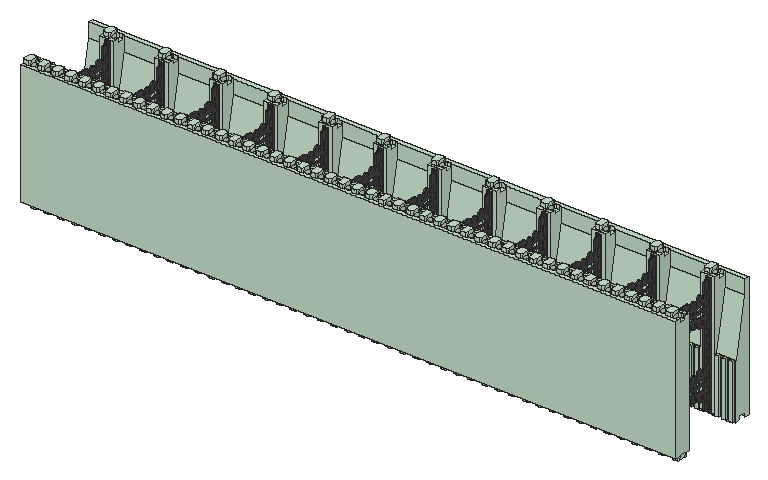
Revit family "ICF- NUDURA 8-inch- Single Sided Taper Top Form Unit- Imperial", category Generic Models, Revit 2011
Parameters (values of type "Standard 6" Form Unit")
  Core Thickness = 0' - 6"
Reference planes (in)
  plane 1 "Center (Front/Back)": y = -1
  plane 2: z = 0
  plane 3 "Center (Left/Right)": x = 0
  plane 4: x = 96
  plane 5: y = 3
  plane 6: y = -5
  plane 7: y = 5.625
  plane 8: y = -7.625
  plane 9: z = 18
  plane 10: z = 18.5
  plane 11: z = -0.5
Forms (in)
  Extrusion 1, solid, material "NUDURA Expanded Polystyrene Foam Insulation"
    sketch origin (0, -2, 0) x (1, 0, 0) y (0, 1, 0)
      loop
        line (0.28117, -3.25) -> (0, -3.25) -> (0, -5.625) -> (96, -5.625) -> (96, -3.25) -> (95.71883, -3.25) -> (95.78117, -3) -> (95.21883, -3) -> (95.28117, -3.25) -> (94.71883, -3.25) -> (94.78117, -3) -> (94.21883, -3) -> (94.28117, -3.25) -> (93.71883, -3.25) -> (93.78117, -3) -> (93.21883, -3) -> (93.28117, -3.25) -> (90.71883, -3.25) -> (90.78117, -3) -> (90.21883, -3) -> (90.28117, -3.25) -> (89.71883, -3.25) -> (89.78117, -3) -> (89.21883, -3) -> (89.28117, -3.25) -> (88.71883, -3.25) -> (88.78117, -3) -> (88.21883, -3) -> (88.28117, -3.25) -> (87.71883, -3.25) -> (87.78117, -3) -> (87.21883, -3) -> (87.28117, -3.25) -> (86.71883, -3.25) -> (86.78117, -3) -> (86.21883, -3) -> (86.28117, -3.25) -> (85.71883, -3.25) -> (85.78117, -3) -> (85.21883, -3) -> (85.28117, -3.25) -> (82.71883, -3.25) -> (82.78117, -3) -> (82.21883, -3) -> (82.28117, -3.25) -> (81.71883, -3.25) -> (81.78117, -3) -> (81.21883, -3) -> (81.28117, -3.25) -> (80.71883, -3.25) -> (80.78117, -3) -> (80.21883, -3) -> (80.28117, -3.25) -> (79.71883, -3.25) -> (79.78117, -3) -> (79.21883, -3) -> (79.28117, -3.25) -> (78.71883, -3.25) -> (78.78117, -3) -> (78.21883, -3) -> (78.28117, -3.25) -> (77.71883, -3.25) -> (77.78117, -3) -> (77.21883, -3) -> (77.28117, -3.25) -> (74.71883, -3.25) -> (74.78117, -3) -> (74.21883, -3) -> (74.28117, -3.25) -> (73.71883, -3.25) -> (73.78117, -3) -> (73.21883, -3) -> (73.28117, -3.25) -> (72.71883, -3.25) -> (72.78117, -3) -> (72.21883, -3) -> (72.28117, -3.25) -> (71.71883, -3.25) -> (71.78117, -3) -> (71.21883, -3) -> (71.28117, -3.25) -> (70.71883, -3.25) -> (70.78117, -3) -> (70.21883, -3) -> (70.28117, -3.25) -> (69.71883, -3.25) -> (69.78117, -3) -> (69.21883, -3) -> (69.28117, -3.25) -> (66.71883, -3.25) -> (66.78117, -3) -> (66.21883, -3) -> (66.28117, -3.25) -> (65.71883, -3.25) -> (65.78117, -3) -> (65.21883, -3) -> (65.28117, -3.25) -> (64.71883, -3.25) -> (64.78117, -3) -> (64.21883, -3) -> (64.28117, -3.25) -> (63.71883, -3.25) -> (63.78117, -3) -> (63.21883, -3) -> (63.28117, -3.25) -> (62.71883, -3.25) -> (62.78117, -3) -> (62.21883, -3) -> (62.28117, -3.25) -> (61.71883, -3.25) -> (61.78117, -3) -> (61.21883, -3) -> (61.28117, -3.25) -> (58.71883, -3.25) -> (58.78117, -3) -> (58.21883, -3) -> (58.28117, -3.25) -> (57.71883, -3.25) -> (57.78117, -3) -> (57.21883, -3) -> (57.28117, -3.25) -> (56.71883, -3.25) -> (56.78117, -3) -> (56.21883, -3) -> (56.28117, -3.25) -> (55.71883, -3.25) -> (55.78117, -3) -> (55.21883, -3) -> (55.28117, -3.25) -> (54.71883, -3.25) -> (54.78117, -3) -> (54.21883, -3) -> (54.28117, -3.25) -> (53.71883, -3.25) -> (53.78117, -3) -> (53.21883, -3) -> (53.28117, -3.25) -> (50.71883, -3.25) -> (50.78117, -3) -> (50.21883, -3) -> (50.28117, -3.25) -> (49.71883, -3.25) -> (49.78117, -3) -> (49.21883, -3) -> (49.28117, -3.25) -> (48.71883, -3.25) -> (48.78117, -3) -> (48.21883, -3) -> (48.28117, -3.25) -> (47.71883, -3.25) -> (47.78117, -3) -> (47.21883, -3) -> (47.28117, -3.25) -> (46.71883, -3.25) -> (46.78117, -3) -> (46.21883, -3) -> (46.28117, -3.25) -> (45.71883, -3.25) -> (45.78117, -3) -> (45.21883, -3) -> (45.28117, -3.25) -> (42.71883, -3.25) -> (42.78117, -3) -> (42.21883, -3) -> (42.28117, -3.25) -> (41.71883, -3.25) -> (41.78117, -3) -> (41.21883, -3) -> (41.28117, -3.25) -> (40.71883, -3.25) -> (40.78117, -3) -> (40.21883, -3) -> (40.28117, -3.25) -> (39.71883, -3.25) -> (39.78117, -3) -> (39.21883, -3) -> (39.28117, -3.25) -> (38.71883, -3.25) -> (38.78117, -3) -> (38.21883, -3) -> (38.28117, -3.25) -> (37.71883, -3.25) -> (37.78117, -3) -> (37.21883, -3) -> (37.28117, -3.25) -> (34.71883, -3.25) -> (34.78117, -3) -> (34.21883, -3) -> (34.28117, -3.25) -> (33.71883, -3.25) -> (33.78117, -3) -> (33.21883, -3) -> (33.28117, -3.25) -> (32.71883, -3.25) -> (32.78117, -3) -> (32.21883, -3) -> (32.28117, -3.25) -> (31.71883, -3.25) -> (31.78117, -3) -> (31.21883, -3) -> (31.28117, -3.25) -> (30.71883, -3.25) -> (30.78117, -3) -> (30.21883, -3) -> (30.28117, -3.25) -> (29.71883, -3.25) -> (29.78117, -3) -> (29.21883, -3) -> (29.28117, -3.25) -> (26.71883, -3.25) -> (26.78117, -3) -> (26.21883, -3) -> (26.28117, -3.25) -> (25.71883, -3.25) -> (25.78117, -3) -> (25.21883, -3) -> (25.28117, -3.25) -> (24.71883, -3.25) -> (24.78117, -3) -> (24.21883, -3) -> (24.28117, -3.25) -> (23.71883, -3.25) -> (23.78117, -3) -> (23.21883, -3) -> (23.28117, -3.25) -> (22.71883, -3.25) -> (22.78117, -3) -> (22.21883, -3) -> (22.28117, -3.25) -> (21.71883, -3.25) -> (21.78117, -3) -> (21.21883, -3) -> (21.28117, -3.25) -> (18.71883, -3.25) -> (18.78117, -3) -> (18.21883, -3) -> (18.28117, -3.25) -> (17.71883, -3.25) -> (17.78117, -3) -> (17.21883, -3) -> (17.28117, -3.25) -> (16.71883, -3.25) -> (16.78117, -3) -> (16.21883, -3) -> (16.28117, -3.25) -> (15.71883, -3.25) -> (15.78117, -3) -> (15.21883, -3) -> (15.28117, -3.25) -> (14.71883, -3.25) -> (14.78117, -3) -> (14.21883, -3) -> (14.28117, -3.25) -> (13.71883, -3.25) -> (13.78117, -3) -> (13.21883, -3) -> (13.28117, -3.25) -> (10.71883, -3.25) -> (10.78117, -3) -> (10.21883, -3) -> (10.28117, -3.25) -> (9.71883, -3.25) -> (9.78117, -3) -> (9.21883, -3) -> (9.28117, -3.25) -> (8.71883, -3.25) -> (8.78117, -3) -> (8.21883, -3) -> (8.28117, -3.25) -> (7.71883, -3.25) -> (7.78117, -3) -> (7.21883, -3) -> (7.28117, -3.25) -> (6.71883, -3.25) -> (6.78117, -3) -> (6.21883, -3) -> (6.28117, -3.25) -> (5.71883, -3.25) -> (5.78117, -3) -> (5.21883, -3) -> (5.28117, -3.25) -> (2.71883, -3.25) -> (2.78117, -3) -> (2.21883, -3) -> (2.28117, -3.25) -> (1.71883, -3.25) -> (1.78117, -3) -> (1.21883, -3) -> (1.28117, -3.25) -> (0.71883, -3.25) -> (0.78117, -3) -> (0.21883, -3) -> (0.28117, -3.25)
    from 0 to 18
  Extrusion 2, void
    sketch origin (0, -2, 0) x (1, 0, 0) y (0, 1, 0)
      loop
        arc (1, -4.89808) -> (1.04785, -5.04517) -> (1.17308, -5.13595) r 0.25
        arc (1.17308, -5.13595) -> (1.5, -5.1875) -> (1.82692, -5.13595) r 1.0625
        arc (1.82692, -5.13595) -> (1.95215, -5.04517) -> (2, -4.89808) r 0.25
        line (2, -4.89808) -> (2, -3.97692)
        arc (2, -3.97692) -> (1.98276, -3.88568) -> (1.9334, -3.80702) r 0.25
        arc (1.9334, -3.80702) -> (1.92106, -3.78736) -> (1.91675, -3.76455) r 0.0625
        line (1.91675, -3.76455) -> (1.91675, -3.41845) -> (1.74592, -3.41845) -> (1.74592, -3.64005)
        arc (1.74592, -3.64005) -> (1.72385, -3.68771) -> (1.67323, -3.70172) r 0.0625
        arc (1.67323, -3.70172) -> (1.42092, -3.69045) -> (1.17308, -3.73905) r 1.0625
        arc (1.17308, -3.73905) -> (1.04785, -3.82983) -> (1, -3.97692) r 0.25
        line (1, -3.97692) -> (1, -4.89808)
    from 18 to 17.5
  Extrusion 3, void
    sketch origin (2, -2, 0) x (1, 0, 0) y (0, 1, 0)
      loop
        arc (1, -4.89808) -> (1.04785, -5.04517) -> (1.17308, -5.13595) r 0.25
        arc (1.17308, -5.13595) -> (1.5, -5.1875) -> (1.82692, -5.13595) r 1.0625
        arc (1.82692, -5.13595) -> (1.95215, -5.04517) -> (2, -4.89808) r 0.25
        line (2, -4.89808) -> (2, -3.97692)
        arc (2, -3.97692) -> (1.98276, -3.88568) -> (1.9334, -3.80702) r 0.25
        arc (1.9334, -3.80702) -> (1.92106, -3.78736) -> (1.91675, -3.76455) r 0.0625
        line (1.91675, -3.76455) -> (1.91675, -3.41845) -> (1.74592, -3.41845) -> (1.74592, -3.64005)
        arc (1.74592, -3.64005) -> (1.72385, -3.68771) -> (1.67323, -3.70172) r 0.0625
        arc (1.67323, -3.70172) -> (1.42092, -3.69045) -> (1.17308, -3.73905) r 1.0625
        arc (1.17308, -3.73905) -> (1.04785, -3.82983) -> (1, -3.97692) r 0.25
        line (1, -3.97692) -> (1, -4.89808)
    from 18 to 17.5
  Extrusion 4, void
    sketch origin (4, -2, 0) x (1, 0, 0) y (0, 1, 0)
      loop
        arc (1, -4.89808) -> (1.04785, -5.04517) -> (1.17308, -5.13595) r 0.25
        arc (1.17308, -5.13595) -> (1.5, -5.1875) -> (1.82692, -5.13595) r 1.0625
        arc (1.82692, -5.13595) -> (1.95215, -5.04517) -> (2, -4.89808) r 0.25
        line (2, -4.89808) -> (2, -3.97692)
        arc (2, -3.97692) -> (1.98276, -3.88568) -> (1.9334, -3.80702) r 0.25
        arc (1.9334, -3.80702) -> (1.92106, -3.78736) -> (1.91675, -3.76455) r 0.0625
        line (1.91675, -3.76455) -> (1.91675, -3.41845) -> (1.74592, -3.41845) -> (1.74592, -3.64005)
        arc (1.74592, -3.64005) -> (1.72385, -3.68771) -> (1.67323, -3.70172) r 0.0625
        arc (1.67323, -3.70172) -> (1.42092, -3.69045) -> (1.17308, -3.73905) r 1.0625
        arc (1.17308, -3.73905) -> (1.04785, -3.82983) -> (1, -3.97692) r 0.25
        line (1, -3.97692) -> (1, -4.89808)
    from 18 to 17.5
  Extrusion 5, void
    sketch origin (6, -2, 0) x (1, 0, 0) y (0, 1, 0)
      loop
        arc (1, -4.89808) -> (1.04785, -5.04517) -> (1.17308, -5.13595) r 0.25
        arc (1.17308, -5.13595) -> (1.5, -5.1875) -> (1.82692, -5.13595) r 1.0625
        arc (1.82692, -5.13595) -> (1.95215, -5.04517) -> (2, -4.89808) r 0.25
        line (2, -4.89808) -> (2, -3.97692)
        arc (2, -3.97692) -> (1.98276, -3.88568) -> (1.9334, -3.80702) r 0.25
        arc (1.9334, -3.80702) -> (1.92106, -3.78736) -> (1.91675, -3.76455) r 0.0625
        line (1.91675, -3.76455) -> (1.91675, -3.41845) -> (1.74592, -3.41845) -> (1.74592, -3.64005)
        arc (1.74592, -3.64005) -> (1.72385, -3.68771) -> (1.67323, -3.70172) r 0.0625
        arc (1.67323, -3.70172) -> (1.42092, -3.69045) -> (1.17308, -3.73905) r 1.0625
        arc (1.17308, -3.73905) -> (1.04785, -3.82983) -> (1, -3.97692) r 0.25
        line (1, -3.97692) -> (1, -4.89808)
    from 18 to 17.5
  Extrusion 6, void
    sketch origin (8, -2, 0) x (1, 0, 0) y (0, 1, 0)
      loop
        arc (1, -4.89808) -> (1.04785, -5.04517) -> (1.17308, -5.13595) r 0.25
        arc (1.17308, -5.13595) -> (1.5, -5.1875) -> (1.82692, -5.13595) r 1.0625
        arc (1.82692, -5.13595) -> (1.95215, -5.04517) -> (2, -4.89808) r 0.25
        line (2, -4.89808) -> (2, -3.97692)
        arc (2, -3.97692) -> (1.98276, -3.88568) -> (1.9334, -3.80702) r 0.25
        arc (1.9334, -3.80702) -> (1.92106, -3.78736) -> (1.91675, -3.76455) r 0.0625
        line (1.91675, -3.76455) -> (1.91675, -3.41845) -> (1.74592, -3.41845) -> (1.74592, -3.64005)
        arc (1.74592, -3.64005) -> (1.72385, -3.68771) -> (1.67323, -3.70172) r 0.0625
        arc (1.67323, -3.70172) -> (1.42092, -3.69045) -> (1.17308, -3.73905) r 1.0625
        arc (1.17308, -3.73905) -> (1.04785, -3.82983) -> (1, -3.97692) r 0.25
        line (1, -3.97692) -> (1, -4.89808)
    from 18 to 17.5
  Extrusion 7, void
    sketch origin (10, -2, 0) x (1, 0, 0) y (0, 1, 0)
      loop
        arc (1, -4.89808) -> (1.04785, -5.04517) -> (1.17308, -5.13595) r 0.25
        arc (1.17308, -5.13595) -> (1.5, -5.1875) -> (1.82692, -5.13595) r 1.0625
        arc (1.82692, -5.13595) -> (1.95215, -5.04517) -> (2, -4.89808) r 0.25
        line (2, -4.89808) -> (2, -3.97692)
        arc (2, -3.97692) -> (1.98276, -3.88568) -> (1.9334, -3.80702) r 0.25
        arc (1.9334, -3.80702) -> (1.92106, -3.78736) -> (1.91675, -3.76455) r 0.0625
        line (1.91675, -3.76455) -> (1.91675, -3.41845) -> (1.74592, -3.41845) -> (1.74592, -3.64005)
        arc (1.74592, -3.64005) -> (1.72385, -3.68771) -> (1.67323, -3.70172) r 0.0625
        arc (1.67323, -3.70172) -> (1.42092, -3.69045) -> (1.17308, -3.73905) r 1.0625
        arc (1.17308, -3.73905) -> (1.04785, -3.82983) -> (1, -3.97692) r 0.25
        line (1, -3.97692) -> (1, -4.89808)
    from 18 to 17.5
  Extrusion 8, void
    sketch origin (12, -2, 0) x (1, 0, 0) y (0, 1, 0)
      loop
        arc (1, -4.89808) -> (1.04785, -5.04517) -> (1.17308, -5.13595) r 0.25
        arc (1.17308, -5.13595) -> (1.5, -5.1875) -> (1.82692, -5.13595) r 1.0625
        arc (1.82692, -5.13595) -> (1.95215, -5.04517) -> (2, -4.89808) r 0.25
        line (2, -4.89808) -> (2, -3.97692)
        arc (2, -3.97692) -> (1.98276, -3.88568) -> (1.9334, -3.80702) r 0.25
        arc (1.9334, -3.80702) -> (1.92106, -3.78736) -> (1.91675, -3.76455) r 0.0625
        line (1.91675, -3.76455) -> (1.91675, -3.41845) -> (1.74592, -3.41845) -> (1.74592, -3.64005)
        arc (1.74592, -3.64005) -> (1.72385, -3.68771) -> (1.67323, -3.70172) r 0.0625
        arc (1.67323, -3.70172) -> (1.42092, -3.69045) -> (1.17308, -3.73905) r 1.0625
        arc (1.17308, -3.73905) -> (1.04785, -3.82983) -> (1, -3.97692) r 0.25
        line (1, -3.97692) -> (1, -4.89808)
    from 18 to 17.5
  Extrusion 9, void
    sketch origin (14, -2, 0) x (1, 0, 0) y (0, 1, 0)
      loop
        arc (1, -4.89808) -> (1.04785, -5.04517) -> (1.17308, -5.13595) r 0.25
        arc (1.17308, -5.13595) -> (1.5, -5.1875) -> (1.82692, -5.13595) r 1.0625
        arc (1.82692, -5.13595) -> (1.95215, -5.04517) -> (2, -4.89808) r 0.25
        line (2, -4.89808) -> (2, -3.97692)
        arc (2, -3.97692) -> (1.98276, -3.88568) -> (1.9334, -3.80702) r 0.25
        arc (1.9334, -3.80702) -> (1.92106, -3.78736) -> (1.91675, -3.76455) r 0.0625
        line (1.91675, -3.76455) -> (1.91675, -3.41845) -> (1.74592, -3.41845) -> (1.74592, -3.64005)
        arc (1.74592, -3.64005) -> (1.72385, -3.68771) -> (1.67323, -3.70172) r 0.0625
        arc (1.67323, -3.70172) -> (1.42092, -3.69045) -> (1.17308, -3.73905) r 1.0625
        arc (1.17308, -3.73905) -> (1.04785, -3.82983) -> (1, -3.97692) r 0.25
        line (1, -3.97692) -> (1, -4.89808)
    from 18 to 17.5
  Extrusion 10, void
    sketch origin (16, -2, 0) x (1, 0, 0) y (0, 1, 0)
      loop
        arc (1, -4.89808) -> (1.04785, -5.04517) -> (1.17308, -5.13595) r 0.25
        arc (1.17308, -5.13595) -> (1.5, -5.1875) -> (1.82692, -5.13595) r 1.0625
        arc (1.82692, -5.13595) -> (1.95215, -5.04517) -> (2, -4.89808) r 0.25
        line (2, -4.89808) -> (2, -3.97692)
        arc (2, -3.97692) -> (1.98276, -3.88568) -> (1.9334, -3.80702) r 0.25
        arc (1.9334, -3.80702) -> (1.92106, -3.78736) -> (1.91675, -3.76455) r 0.0625
        line (1.91675, -3.76455) -> (1.91675, -3.41845) -> (1.74592, -3.41845) -> (1.74592, -3.64005)
        arc (1.74592, -3.64005) -> (1.72385, -3.68771) -> (1.67323, -3.70172) r 0.0625
        arc (1.67323, -3.70172) -> (1.42092, -3.69045) -> (1.17308, -3.73905) r 1.0625
        arc (1.17308, -3.73905) -> (1.04785, -3.82983) -> (1, -3.97692) r 0.25
        line (1, -3.97692) -> (1, -4.89808)
    from 18 to 17.5
  Extrusion 11, void
    sketch origin (18, -2, 0) x (1, 0, 0) y (0, 1, 0)
      loop
        arc (1, -4.89808) -> (1.04785, -5.04517) -> (1.17308, -5.13595) r 0.25
        arc (1.17308, -5.13595) -> (1.5, -5.1875) -> (1.82692, -5.13595) r 1.0625
        arc (1.82692, -5.13595) -> (1.95215, -5.04517) -> (2, -4.89808) r 0.25
        line (2, -4.89808) -> (2, -3.97692)
        arc (2, -3.97692) -> (1.98276, -3.88568) -> (1.9334, -3.80702) r 0.25
        arc (1.9334, -3.80702) -> (1.92106, -3.78736) -> (1.91675, -3.76455) r 0.0625
        line (1.91675, -3.76455) -> (1.91675, -3.41845) -> (1.74592, -3.41845) -> (1.74592, -3.64005)
        arc (1.74592, -3.64005) -> (1.72385, -3.68771) -> (1.67323, -3.70172) r 0.0625
        arc (1.67323, -3.70172) -> (1.42092, -3.69045) -> (1.17308, -3.73905) r 1.0625
        arc (1.17308, -3.73905) -> (1.04785, -3.82983) -> (1, -3.97692) r 0.25
        line (1, -3.97692) -> (1, -4.89808)
    from 18 to 17.5
  Extrusion 12, void
    sketch origin (20, -2, 0) x (1, 0, 0) y (0, 1, 0)
      loop
        arc (1, -4.89808) -> (1.04785, -5.04517) -> (1.17308, -5.13595) r 0.25
        arc (1.17308, -5.13595) -> (1.5, -5.1875) -> (1.82692, -5.13595) r 1.0625
        arc (1.82692, -5.13595) -> (1.95215, -5.04517) -> (2, -4.89808) r 0.25
        line (2, -4.89808) -> (2, -3.97692)
        arc (2, -3.97692) -> (1.98276, -3.88568) -> (1.9334, -3.80702) r 0.25
        arc (1.9334, -3.80702) -> (1.92106, -3.78736) -> (1.91675, -3.76455) r 0.0625
        line (1.91675, -3.76455) -> (1.91675, -3.41845) -> (1.74592, -3.41845) -> (1.74592, -3.64005)
        arc (1.74592, -3.64005) -> (1.72385, -3.68771) -> (1.67323, -3.70172) r 0.0625
        arc (1.67323, -3.70172) -> (1.42092, -3.69045) -> (1.17308, -3.73905) r 1.0625
        arc (1.17308, -3.73905) -> (1.04785, -3.82983) -> (1, -3.97692) r 0.25
        line (1, -3.97692) -> (1, -4.89808)
    from 18 to 17.5
  Extrusion 13, void
    sketch origin (22, -2, 0) x (1, 0, 0) y (0, 1, 0)
      loop
        arc (1, -4.89808) -> (1.04785, -5.04517) -> (1.17308, -5.13595) r 0.25
        arc (1.17308, -5.13595) -> (1.5, -5.1875) -> (1.82692, -5.13595) r 1.0625
        arc (1.82692, -5.13595) -> (1.95215, -5.04517) -> (2, -4.89808) r 0.25
        line (2, -4.89808) -> (2, -3.97692)
        arc (2, -3.97692) -> (1.98276, -3.88568) -> (1.9334, -3.80702) r 0.25
        arc (1.9334, -3.80702) -> (1.92106, -3.78736) -> (1.91675, -3.76455) r 0.0625
        line (1.91675, -3.76455) -> (1.91675, -3.41845) -> (1.74592, -3.41845) -> (1.74592, -3.64005)
        arc (1.74592, -3.64005) -> (1.72385, -3.68771) -> (1.67323, -3.70172) r 0.0625
        arc (1.67323, -3.70172) -> (1.42092, -3.69045) -> (1.17308, -3.73905) r 1.0625
        arc (1.17308, -3.73905) -> (1.04785, -3.82983) -> (1, -3.97692) r 0.25
        line (1, -3.97692) -> (1, -4.89808)
    from 18 to 17.5
  Extrusion 14, void
    sketch origin (24, -2, 0) x (1, 0, 0) y (0, 1, 0)
      loop
        arc (1, -4.89808) -> (1.04785, -5.04517) -> (1.17308, -5.13595) r 0.25
        arc (1.17308, -5.13595) -> (1.5, -5.1875) -> (1.82692, -5.13595) r 1.0625
        arc (1.82692, -5.13595) -> (1.95215, -5.04517) -> (2, -4.89808) r 0.25
        line (2, -4.89808) -> (2, -3.97692)
        arc (2, -3.97692) -> (1.98276, -3.88568) -> (1.9334, -3.80702) r 0.25
        arc (1.9334, -3.80702) -> (1.92106, -3.78736) -> (1.91675, -3.76455) r 0.0625
        line (1.91675, -3.76455) -> (1.91675, -3.41845) -> (1.74592, -3.41845) -> (1.74592, -3.64005)
        arc (1.74592, -3.64005) -> (1.72385, -3.68771) -> (1.67323, -3.70172) r 0.0625
        arc (1.67323, -3.70172) -> (1.42092, -3.69045) -> (1.17308, -3.73905) r 1.0625
        arc (1.17308, -3.73905) -> (1.04785, -3.82983) -> (1, -3.97692) r 0.25
        line (1, -3.97692) -> (1, -4.89808)
    from 18 to 17.5
  Extrusion 15, void
    sketch origin (26, -2, 0) x (1, 0, 0) y (0, 1, 0)
      loop
        arc (1, -4.89808) -> (1.04785, -5.04517) -> (1.17308, -5.13595) r 0.25
        arc (1.17308, -5.13595) -> (1.5, -5.1875) -> (1.82692, -5.13595) r 1.0625
        arc (1.82692, -5.13595) -> (1.95215, -5.04517) -> (2, -4.89808) r 0.25
        line (2, -4.89808) -> (2, -3.97692)
        arc (2, -3.97692) -> (1.98276, -3.88568) -> (1.9334, -3.80702) r 0.25
        arc (1.9334, -3.80702) -> (1.92106, -3.78736) -> (1.91675, -3.76455) r 0.0625
        line (1.91675, -3.76455) -> (1.91675, -3.41845) -> (1.74592, -3.41845) -> (1.74592, -3.64005)
        arc (1.74592, -3.64005) -> (1.72385, -3.68771) -> (1.67323, -3.70172) r 0.0625
        arc (1.67323, -3.70172) -> (1.42092, -3.69045) -> (1.17308, -3.73905) r 1.0625
        arc (1.17308, -3.73905) -> (1.04785, -3.82983) -> (1, -3.97692) r 0.25
        line (1, -3.97692) -> (1, -4.89808)
    from 18 to 17.5
  Extrusion 16, void
    sketch origin (28, -2, 0) x (1, 0, 0) y (0, 1, 0)
      loop
        arc (1, -4.89808) -> (1.04785, -5.04517) -> (1.17308, -5.13595) r 0.25
        arc (1.17308, -5.13595) -> (1.5, -5.1875) -> (1.82692, -5.13595) r 1.0625
        arc (1.82692, -5.13595) -> (1.95215, -5.04517) -> (2, -4.89808) r 0.25
        line (2, -4.89808) -> (2, -3.97692)
        arc (2, -3.97692) -> (1.98276, -3.88568) -> (1.9334, -3.80702) r 0.25
        arc (1.9334, -3.80702) -> (1.92106, -3.78736) -> (1.91675, -3.76455) r 0.0625
        line (1.91675, -3.76455) -> (1.91675, -3.41845) -> (1.74592, -3.41845) -> (1.74592, -3.64005)
        arc (1.74592, -3.64005) -> (1.72385, -3.68771) -> (1.67323, -3.70172) r 0.0625
        arc (1.67323, -3.70172) -> (1.42092, -3.69045) -> (1.17308, -3.73905) r 1.0625
        arc (1.17308, -3.73905) -> (1.04785, -3.82983) -> (1, -3.97692) r 0.25
        line (1, -3.97692) -> (1, -4.89808)
    from 18 to 17.5
  Extrusion 17, void
    sketch origin (30, -2, 0) x (1, 0, 0) y (0, 1, 0)
      loop
        arc (1, -4.89808) -> (1.04785, -5.04517) -> (1.17308, -5.13595) r 0.25
        arc (1.17308, -5.13595) -> (1.5, -5.1875) -> (1.82692, -5.13595) r 1.0625
        arc (1.82692, -5.13595) -> (1.95215, -5.04517) -> (2, -4.89808) r 0.25
        line (2, -4.89808) -> (2, -3.97692)
        arc (2, -3.97692) -> (1.98276, -3.88568) -> (1.9334, -3.80702) r 0.25
        arc (1.9334, -3.80702) -> (1.92106, -3.78736) -> (1.91675, -3.76455) r 0.0625
        line (1.91675, -3.76455) -> (1.91675, -3.41845) -> (1.74592, -3.41845) -> (1.74592, -3.64005)
        arc (1.74592, -3.64005) -> (1.72385, -3.68771) -> (1.67323, -3.70172) r 0.0625
        arc (1.67323, -3.70172) -> (1.42092, -3.69045) -> (1.17308, -3.73905) r 1.0625
        arc (1.17308, -3.73905) -> (1.04785, -3.82983) -> (1, -3.97692) r 0.25
        line (1, -3.97692) -> (1, -4.89808)
    from 18 to 17.5
  Extrusion 18, void
    sketch origin (32, -2, 0) x (1, 0, 0) y (0, 1, 0)
      loop
        arc (1, -4.89808) -> (1.04785, -5.04517) -> (1.17308, -5.13595) r 0.25
        arc (1.17308, -5.13595) -> (1.5, -5.1875) -> (1.82692, -5.13595) r 1.0625
        arc (1.82692, -5.13595) -> (1.95215, -5.04517) -> (2, -4.89808) r 0.25
        line (2, -4.89808) -> (2, -3.97692)
        arc (2, -3.97692) -> (1.98276, -3.88568) -> (1.9334, -3.80702) r 0.25
        arc (1.9334, -3.80702) -> (1.92106, -3.78736) -> (1.91675, -3.76455) r 0.0625
        line (1.91675, -3.76455) -> (1.91675, -3.41845) -> (1.74592, -3.41845) -> (1.74592, -3.64005)
        arc (1.74592, -3.64005) -> (1.72385, -3.68771) -> (1.67323, -3.70172) r 0.0625
        arc (1.67323, -3.70172) -> (1.42092, -3.69045) -> (1.17308, -3.73905) r 1.0625
        arc (1.17308, -3.73905) -> (1.04785, -3.82983) -> (1, -3.97692) r 0.25
        line (1, -3.97692) -> (1, -4.89808)
    from 18 to 17.5
  Extrusion 19, void
    sketch origin (34, -2, 0) x (1, 0, 0) y (0, 1, 0)
      loop
        arc (1, -4.89808) -> (1.04785, -5.04517) -> (1.17308, -5.13595) r 0.25
        arc (1.17308, -5.13595) -> (1.5, -5.1875) -> (1.82692, -5.13595) r 1.0625
        arc (1.82692, -5.13595) -> (1.95215, -5.04517) -> (2, -4.89808) r 0.25
        line (2, -4.89808) -> (2, -3.97692)
        arc (2, -3.97692) -> (1.98276, -3.88568) -> (1.9334, -3.80702) r 0.25
        arc (1.9334, -3.80702) -> (1.92106, -3.78736) -> (1.91675, -3.76455) r 0.0625
        line (1.91675, -3.76455) -> (1.91675, -3.41845) -> (1.74592, -3.41845) -> (1.74592, -3.64005)
        arc (1.74592, -3.64005) -> (1.72385, -3.68771) -> (1.67323, -3.70172) r 0.0625
        arc (1.67323, -3.70172) -> (1.42092, -3.69045) -> (1.17308, -3.73905) r 1.0625
        arc (1.17308, -3.73905) -> (1.04785, -3.82983) -> (1, -3.97692) r 0.25
        line (1, -3.97692) -> (1, -4.89808)
    from 18 to 17.5
  Extrusion 20, void
    sketch origin (36, -2, 0) x (1, 0, 0) y (0, 1, 0)
      loop
        arc (1, -4.89808) -> (1.04785, -5.04517) -> (1.17308, -5.13595) r 0.25
        arc (1.17308, -5.13595) -> (1.5, -5.1875) -> (1.82692, -5.13595) r 1.0625
        arc (1.82692, -5.13595) -> (1.95215, -5.04517) -> (2, -4.89808) r 0.25
        line (2, -4.89808) -> (2, -3.97692)
        arc (2, -3.97692) -> (1.98276, -3.88568) -> (1.9334, -3.80702) r 0.25
        arc (1.9334, -3.80702) -> (1.92106, -3.78736) -> (1.91675, -3.76455) r 0.0625
        line (1.91675, -3.76455) -> (1.91675, -3.41845) -> (1.74592, -3.41845) -> (1.74592, -3.64005)
        arc (1.74592, -3.64005) -> (1.72385, -3.68771) -> (1.67323, -3.70172) r 0.0625
        arc (1.67323, -3.70172) -> (1.42092, -3.69045) -> (1.17308, -3.73905) r 1.0625
        arc (1.17308, -3.73905) -> (1.04785, -3.82983) -> (1, -3.97692) r 0.25
        line (1, -3.97692) -> (1, -4.89808)
    from 18 to 17.5
  Extrusion 21, void
    sketch origin (38, -2, 0) x (1, 0, 0) y (0, 1, 0)
      loop
        arc (1, -4.89808) -> (1.04785, -5.04517) -> (1.17308, -5.13595) r 0.25
        arc (1.17308, -5.13595) -> (1.5, -5.1875) -> (1.82692, -5.13595) r 1.0625
        arc (1.82692, -5.13595) -> (1.95215, -5.04517) -> (2, -4.89808) r 0.25
        line (2, -4.89808) -> (2, -3.97692)
        arc (2, -3.97692) -> (1.98276, -3.88568) -> (1.9334, -3.80702) r 0.25
        arc (1.9334, -3.80702) -> (1.92106, -3.78736) -> (1.91675, -3.76455) r 0.0625
        line (1.91675, -3.76455) -> (1.91675, -3.41845) -> (1.74592, -3.41845) -> (1.74592, -3.64005)
        arc (1.74592, -3.64005) -> (1.72385, -3.68771) -> (1.67323, -3.70172) r 0.0625
        arc (1.67323, -3.70172) -> (1.42092, -3.69045) -> (1.17308, -3.73905) r 1.0625
        arc (1.17308, -3.73905) -> (1.04785, -3.82983) -> (1, -3.97692) r 0.25
        line (1, -3.97692) -> (1, -4.89808)
    from 18 to 17.5
  Extrusion 22, void
    sketch origin (40, -2, 0) x (1, 0, 0) y (0, 1, 0)
      loop
        arc (1, -4.89808) -> (1.04785, -5.04517) -> (1.17308, -5.13595) r 0.25
        arc (1.17308, -5.13595) -> (1.5, -5.1875) -> (1.82692, -5.13595) r 1.0625
        arc (1.82692, -5.13595) -> (1.95215, -5.04517) -> (2, -4.89808) r 0.25
        line (2, -4.89808) -> (2, -3.97692)
        arc (2, -3.97692) -> (1.98276, -3.88568) -> (1.9334, -3.80702) r 0.25
        arc (1.9334, -3.80702) -> (1.92106, -3.78736) -> (1.91675, -3.76455) r 0.0625
        line (1.91675, -3.76455) -> (1.91675, -3.41845) -> (1.74592, -3.41845) -> (1.74592, -3.64005)
        arc (1.74592, -3.64005) -> (1.72385, -3.68771) -> (1.67323, -3.70172) r 0.0625
        arc (1.67323, -3.70172) -> (1.42092, -3.69045) -> (1.17308, -3.73905) r 1.0625
        arc (1.17308, -3.73905) -> (1.04785, -3.82983) -> (1, -3.97692) r 0.25
        line (1, -3.97692) -> (1, -4.89808)
    from 18 to 17.5
  Extrusion 23, void
    sketch origin (42, -2, 0) x (1, 0, 0) y (0, 1, 0)
      loop
        arc (1, -4.89808) -> (1.04785, -5.04517) -> (1.17308, -5.13595) r 0.25
        arc (1.17308, -5.13595) -> (1.5, -5.1875) -> (1.82692, -5.13595) r 1.0625
        arc (1.82692, -5.13595) -> (1.95215, -5.04517) -> (2, -4.89808) r 0.25
        line (2, -4.89808) -> (2, -3.97692)
        arc (2, -3.97692) -> (1.98276, -3.88568) -> (1.9334, -3.80702) r 0.25
        arc (1.9334, -3.80702) -> (1.92106, -3.78736) -> (1.91675, -3.76455) r 0.0625
        line (1.91675, -3.76455) -> (1.91675, -3.41845) -> (1.74592, -3.41845) -> (1.74592, -3.64005)
        arc (1.74592, -3.64005) -> (1.72385, -3.68771) -> (1.67323, -3.70172) r 0.0625
        arc (1.67323, -3.70172) -> (1.42092, -3.69045) -> (1.17308, -3.73905) r 1.0625
        arc (1.17308, -3.73905) -> (1.04785, -3.82983) -> (1, -3.97692) r 0.25
        line (1, -3.97692) -> (1, -4.89808)
    from 18 to 17.5
  Extrusion 24, void
    sketch origin (44, -2, 0) x (1, 0, 0) y (0, 1, 0)
      loop
        arc (1, -4.89808) -> (1.04785, -5.04517) -> (1.17308, -5.13595) r 0.25
        arc (1.17308, -5.13595) -> (1.5, -5.1875) -> (1.82692, -5.13595) r 1.0625
        arc (1.82692, -5.13595) -> (1.95215, -5.04517) -> (2, -4.89808) r 0.25
        line (2, -4.89808) -> (2, -3.97692)
        arc (2, -3.97692) -> (1.98276, -3.88568) -> (1.9334, -3.80702) r 0.25
        arc (1.9334, -3.80702) -> (1.92106, -3.78736) -> (1.91675, -3.76455) r 0.0625
        line (1.91675, -3.76455) -> (1.91675, -3.41845) -> (1.74592, -3.41845) -> (1.74592, -3.64005)
        arc (1.74592, -3.64005) -> (1.72385, -3.68771) -> (1.67323, -3.70172) r 0.0625
        arc (1.67323, -3.70172) -> (1.42092, -3.69045) -> (1.17308, -3.73905) r 1.0625
        arc (1.17308, -3.73905) -> (1.04785, -3.82983) -> (1, -3.97692) r 0.25
        line (1, -3.97692) -> (1, -4.89808)
    from 18 to 17.5
  Extrusion 25, void
    sketch origin (46, -2, 0) x (1, 0, 0) y (0, 1, 0)
      loop
        arc (1, -4.89808) -> (1.04785, -5.04517) -> (1.17308, -5.13595) r 0.25
        arc (1.17308, -5.13595) -> (1.5, -5.1875) -> (1.82692, -5.13595) r 1.0625
        arc (1.82692, -5.13595) -> (1.95215, -5.04517) -> (2, -4.89808) r 0.25
        line (2, -4.89808) -> (2, -3.97692)
        arc (2, -3.97692) -> (1.98276, -3.88568) -> (1.9334, -3.80702) r 0.25
        arc (1.9334, -3.80702) -> (1.92106, -3.78736) -> (1.91675, -3.76455) r 0.0625
        line (1.91675, -3.76455) -> (1.91675, -3.41845) -> (1.74592, -3.41845) -> (1.74592, -3.64005)
        arc (1.74592, -3.64005) -> (1.72385, -3.68771) -> (1.67323, -3.70172) r 0.0625
        arc (1.67323, -3.70172) -> (1.42092, -3.69045) -> (1.17308, -3.73905) r 1.0625
        arc (1.17308, -3.73905) -> (1.04785, -3.82983) -> (1, -3.97692) r 0.25
        line (1, -3.97692) -> (1, -4.89808)
    from 18 to 17.5
  Extrusion 26, void
    sketch origin (48, -2, 0) x (1, 0, 0) y (0, 1, 0)
      loop
        arc (1, -4.89808) -> (1.04785, -5.04517) -> (1.17308, -5.13595) r 0.25
        arc (1.17308, -5.13595) -> (1.5, -5.1875) -> (1.82692, -5.13595) r 1.0625
        arc (1.82692, -5.13595) -> (1.95215, -5.04517) -> (2, -4.89808) r 0.25
        line (2, -4.89808) -> (2, -3.97692)
        arc (2, -3.97692) -> (1.98276, -3.88568) -> (1.9334, -3.80702) r 0.25
        arc (1.9334, -3.80702) -> (1.92106, -3.78736) -> (1.91675, -3.76455) r 0.0625
        line (1.91675, -3.76455) -> (1.91675, -3.41845) -> (1.74592, -3.41845) -> (1.74592, -3.64005)
        arc (1.74592, -3.64005) -> (1.72385, -3.68771) -> (1.67323, -3.70172) r 0.0625
        arc (1.67323, -3.70172) -> (1.42092, -3.69045) -> (1.17308, -3.73905) r 1.0625
        arc (1.17308, -3.73905) -> (1.04785, -3.82983) -> (1, -3.97692) r 0.25
        line (1, -3.97692) -> (1, -4.89808)
    from 18 to 17.5
  Extrusion 27, void
    sketch origin (50, -2, 0) x (1, 0, 0) y (0, 1, 0)
      loop
        arc (1, -4.89808) -> (1.04785, -5.04517) -> (1.17308, -5.13595) r 0.25
        arc (1.17308, -5.13595) -> (1.5, -5.1875) -> (1.82692, -5.13595) r 1.0625
        arc (1.82692, -5.13595) -> (1.95215, -5.04517) -> (2, -4.89808) r 0.25
        line (2, -4.89808) -> (2, -3.97692)
        arc (2, -3.97692) -> (1.98276, -3.88568) -> (1.9334, -3.80702) r 0.25
        arc (1.9334, -3.80702) -> (1.92106, -3.78736) -> (1.91675, -3.76455) r 0.0625
        line (1.91675, -3.76455) -> (1.91675, -3.41845) -> (1.74592, -3.41845) -> (1.74592, -3.64005)
        arc (1.74592, -3.64005) -> (1.72385, -3.68771) -> (1.67323, -3.70172) r 0.0625
        arc (1.67323, -3.70172) -> (1.42092, -3.69045) -> (1.17308, -3.73905) r 1.0625
        arc (1.17308, -3.73905) -> (1.04785, -3.82983) -> (1, -3.97692) r 0.25
        line (1, -3.97692) -> (1, -4.89808)
    from 18 to 17.5
  Extrusion 28, void
    sketch origin (52, -2, 0) x (1, 0, 0) y (0, 1, 0)
      loop
        arc (1, -4.89808) -> (1.04785, -5.04517) -> (1.17308, -5.13595) r 0.25
        arc (1.17308, -5.13595) -> (1.5, -5.1875) -> (1.82692, -5.13595) r 1.0625
        arc (1.82692, -5.13595) -> (1.95215, -5.04517) -> (2, -4.89808) r 0.25
        line (2, -4.89808) -> (2, -3.97692)
        arc (2, -3.97692) -> (1.98276, -3.88568) -> (1.9334, -3.80702) r 0.25
        arc (1.9334, -3.80702) -> (1.92106, -3.78736) -> (1.91675, -3.76455) r 0.0625
        line (1.91675, -3.76455) -> (1.91675, -3.41845) -> (1.74592, -3.41845) -> (1.74592, -3.64005)
        arc (1.74592, -3.64005) -> (1.72385, -3.68771) -> (1.67323, -3.70172) r 0.0625
        arc (1.67323, -3.70172) -> (1.42092, -3.69045) -> (1.17308, -3.73905) r 1.0625
        arc (1.17308, -3.73905) -> (1.04785, -3.82983) -> (1, -3.97692) r 0.25
        line (1, -3.97692) -> (1, -4.89808)
    from 18 to 17.5
  Extrusion 29, void
    sketch origin (54, -2, 0) x (1, 0, 0) y (0, 1, 0)
      loop
        arc (1, -4.89808) -> (1.04785, -5.04517) -> (1.17308, -5.13595) r 0.25
        arc (1.17308, -5.13595) -> (1.5, -5.1875) -> (1.82692, -5.13595) r 1.0625
        arc (1.82692, -5.13595) -> (1.95215, -5.04517) -> (2, -4.89808) r 0.25
        line (2, -4.89808) -> (2, -3.97692)
        arc (2, -3.97692) -> (1.98276, -3.88568) -> (1.9334, -3.80702) r 0.25
        arc (1.9334, -3.80702) -> (1.92106, -3.78736) -> (1.91675, -3.76455) r 0.0625
        line (1.91675, -3.76455) -> (1.91675, -3.41845) -> (1.74592, -3.41845) -> (1.74592, -3.64005)
        arc (1.74592, -3.64005) -> (1.72385, -3.68771) -> (1.67323, -3.70172) r 0.0625
        arc (1.67323, -3.70172) -> (1.42092, -3.69045) -> (1.17308, -3.73905) r 1.0625
        arc (1.17308, -3.73905) -> (1.04785, -3.82983) -> (1, -3.97692) r 0.25
        line (1, -3.97692) -> (1, -4.89808)
    from 18 to 17.5
  Extrusion 30, void
    sketch origin (56, -2, 0) x (1, 0, 0) y (0, 1, 0)
      loop
        arc (1, -4.89808) -> (1.04785, -5.04517) -> (1.17308, -5.13595) r 0.25
        arc (1.17308, -5.13595) -> (1.5, -5.1875) -> (1.82692, -5.13595) r 1.0625
        arc (1.82692, -5.13595) -> (1.95215, -5.04517) -> (2, -4.89808) r 0.25
        line (2, -4.89808) -> (2, -3.97692)
        arc (2, -3.97692) -> (1.98276, -3.88568) -> (1.9334, -3.80702) r 0.25
        arc (1.9334, -3.80702) -> (1.92106, -3.78736) -> (1.91675, -3.76455) r 0.0625
        line (1.91675, -3.76455) -> (1.91675, -3.41845) -> (1.74592, -3.41845) -> (1.74592, -3.64005)
        arc (1.74592, -3.64005) -> (1.72385, -3.68771) -> (1.67323, -3.70172) r 0.0625
        arc (1.67323, -3.70172) -> (1.42092, -3.69045) -> (1.17308, -3.73905) r 1.0625
        arc (1.17308, -3.73905) -> (1.04785, -3.82983) -> (1, -3.97692) r 0.25
        line (1, -3.97692) -> (1, -4.89808)
    from 18 to 17.5
  Extrusion 31, void
    sketch origin (58, -2, 0) x (1, 0, 0) y (0, 1, 0)
      loop
        arc (1, -4.89808) -> (1.04785, -5.04517) -> (1.17308, -5.13595) r 0.25
        arc (1.17308, -5.13595) -> (1.5, -5.1875) -> (1.82692, -5.13595) r 1.0625
        arc (1.82692, -5.13595) -> (1.95215, -5.04517) -> (2, -4.89808) r 0.25
        line (2, -4.89808) -> (2, -3.97692)
        arc (2, -3.97692) -> (1.98276, -3.88568) -> (1.9334, -3.80702) r 0.25
        arc (1.9334, -3.80702) -> (1.92106, -3.78736) -> (1.91675, -3.76455) r 0.0625
        line (1.91675, -3.76455) -> (1.91675, -3.41845) -> (1.74592, -3.41845) -> (1.74592, -3.64005)
        arc (1.74592, -3.64005) -> (1.72385, -3.68771) -> (1.67323, -3.70172) r 0.0625
        arc (1.67323, -3.70172) -> (1.42092, -3.69045) -> (1.17308, -3.73905) r 1.0625
        arc (1.17308, -3.73905) -> (1.04785, -3.82983) -> (1, -3.97692) r 0.25
        line (1, -3.97692) -> (1, -4.89808)
    from 18 to 17.5
  Extrusion 32, void
    sketch origin (60, -2, 0) x (1, 0, 0) y (0, 1, 0)
      loop
        arc (1, -4.89808) -> (1.04785, -5.04517) -> (1.17308, -5.13595) r 0.25
        arc (1.17308, -5.13595) -> (1.5, -5.1875) -> (1.82692, -5.13595) r 1.0625
        arc (1.82692, -5.13595) -> (1.95215, -5.04517) -> (2, -4.89808) r 0.25
        line (2, -4.89808) -> (2, -3.97692)
        arc (2, -3.97692) -> (1.98276, -3.88568) -> (1.9334, -3.80702) r 0.25
        arc (1.9334, -3.80702) -> (1.92106, -3.78736) -> (1.91675, -3.76455) r 0.0625
        line (1.91675, -3.76455) -> (1.91675, -3.41845) -> (1.74592, -3.41845) -> (1.74592, -3.64005)
        arc (1.74592, -3.64005) -> (1.72385, -3.68771) -> (1.67323, -3.70172) r 0.0625
        arc (1.67323, -3.70172) -> (1.42092, -3.69045) -> (1.17308, -3.73905) r 1.0625
        arc (1.17308, -3.73905) -> (1.04785, -3.82983) -> (1, -3.97692) r 0.25
        line (1, -3.97692) -> (1, -4.89808)
    from 18 to 17.5
  Extrusion 33, void
    sketch origin (62, -2, 0) x (1, 0, 0) y (0, 1, 0)
      loop
        arc (1, -4.89808) -> (1.04785, -5.04517) -> (1.17308, -5.13595) r 0.25
        arc (1.17308, -5.13595) -> (1.5, -5.1875) -> (1.82692, -5.13595) r 1.0625
        arc (1.82692, -5.13595) -> (1.95215, -5.04517) -> (2, -4.89808) r 0.25
        line (2, -4.89808) -> (2, -3.97692)
        arc (2, -3.97692) -> (1.98276, -3.88568) -> (1.9334, -3.80702) r 0.25
        arc (1.9334, -3.80702) -> (1.92106, -3.78736) -> (1.91675, -3.76455) r 0.0625
        line (1.91675, -3.76455) -> (1.91675, -3.41845) -> (1.74592, -3.41845) -> (1.74592, -3.64005)
        arc (1.74592, -3.64005) -> (1.72385, -3.68771) -> (1.67323, -3.70172) r 0.0625
        arc (1.67323, -3.70172) -> (1.42092, -3.69045) -> (1.17308, -3.73905) r 1.0625
        arc (1.17308, -3.73905) -> (1.04785, -3.82983) -> (1, -3.97692) r 0.25
        line (1, -3.97692) -> (1, -4.89808)
    from 18 to 17.5
  Extrusion 34, void
    sketch origin (64, -2, 0) x (1, 0, 0) y (0, 1, 0)
      loop
        arc (1, -4.89808) -> (1.04785, -5.04517) -> (1.17308, -5.13595) r 0.25
        arc (1.17308, -5.13595) -> (1.5, -5.1875) -> (1.82692, -5.13595) r 1.0625
        arc (1.82692, -5.13595) -> (1.95215, -5.04517) -> (2, -4.89808) r 0.25
        line (2, -4.89808) -> (2, -3.97692)
        arc (2, -3.97692) -> (1.98276, -3.88568) -> (1.9334, -3.80702) r 0.25
        arc (1.9334, -3.80702) -> (1.92106, -3.78736) -> (1.91675, -3.76455) r 0.0625
        line (1.91675, -3.76455) -> (1.91675, -3.41845) -> (1.74592, -3.41845) -> (1.74592, -3.64005)
        arc (1.74592, -3.64005) -> (1.72385, -3.68771) -> (1.67323, -3.70172) r 0.0625
        arc (1.67323, -3.70172) -> (1.42092, -3.69045) -> (1.17308, -3.73905) r 1.0625
        arc (1.17308, -3.73905) -> (1.04785, -3.82983) -> (1, -3.97692) r 0.25
        line (1, -3.97692) -> (1, -4.89808)
    from 18 to 17.5
  Extrusion 35, void
    sketch origin (66, -2, 0) x (1, 0, 0) y (0, 1, 0)
      loop
        arc (1, -4.89808) -> (1.04785, -5.04517) -> (1.17308, -5.13595) r 0.25
        arc (1.17308, -5.13595) -> (1.5, -5.1875) -> (1.82692, -5.13595) r 1.0625
        arc (1.82692, -5.13595) -> (1.95215, -5.04517) -> (2, -4.89808) r 0.25
        line (2, -4.89808) -> (2, -3.97692)
        arc (2, -3.97692) -> (1.98276, -3.88568) -> (1.9334, -3.80702) r 0.25
        arc (1.9334, -3.80702) -> (1.92106, -3.78736) -> (1.91675, -3.76455) r 0.0625
        line (1.91675, -3.76455) -> (1.91675, -3.41845) -> (1.74592, -3.41845) -> (1.74592, -3.64005)
        arc (1.74592, -3.64005) -> (1.72385, -3.68771) -> (1.67323, -3.70172) r 0.0625
        arc (1.67323, -3.70172) -> (1.42092, -3.69045) -> (1.17308, -3.73905) r 1.0625
        arc (1.17308, -3.73905) -> (1.04785, -3.82983) -> (1, -3.97692) r 0.25
        line (1, -3.97692) -> (1, -4.89808)
    from 18 to 17.5
  Extrusion 36, void
    sketch origin (68, -2, 0) x (1, 0, 0) y (0, 1, 0)
      loop
        arc (1, -4.89808) -> (1.04785, -5.04517) -> (1.17308, -5.13595) r 0.25
        arc (1.17308, -5.13595) -> (1.5, -5.1875) -> (1.82692, -5.13595) r 1.0625
        arc (1.82692, -5.13595) -> (1.95215, -5.04517) -> (2, -4.89808) r 0.25
        line (2, -4.89808) -> (2, -3.97692)
        arc (2, -3.97692) -> (1.98276, -3.88568) -> (1.9334, -3.80702) r 0.25
        arc (1.9334, -3.80702) -> (1.92106, -3.78736) -> (1.91675, -3.76455) r 0.0625
        line (1.91675, -3.76455) -> (1.91675, -3.41845) -> (1.74592, -3.41845) -> (1.74592, -3.64005)
        arc (1.74592, -3.64005) -> (1.72385, -3.68771) -> (1.67323, -3.70172) r 0.0625
        arc (1.67323, -3.70172) -> (1.42092, -3.69045) -> (1.17308, -3.73905) r 1.0625
        arc (1.17308, -3.73905) -> (1.04785, -3.82983) -> (1, -3.97692) r 0.25
        line (1, -3.97692) -> (1, -4.89808)
    from 18 to 17.5
  Extrusion 37, void
    sketch origin (70, -2, 0) x (1, 0, 0) y (0, 1, 0)
      loop
        arc (1, -4.89808) -> (1.04785, -5.04517) -> (1.17308, -5.13595) r 0.25
        arc (1.17308, -5.13595) -> (1.5, -5.1875) -> (1.82692, -5.13595) r 1.0625
        arc (1.82692, -5.13595) -> (1.95215, -5.04517) -> (2, -4.89808) r 0.25
        line (2, -4.89808) -> (2, -3.97692)
        arc (2, -3.97692) -> (1.98276, -3.88568) -> (1.9334, -3.80702) r 0.25
        arc (1.9334, -3.80702) -> (1.92106, -3.78736) -> (1.91675, -3.76455) r 0.0625
        line (1.91675, -3.76455) -> (1.91675, -3.41845) -> (1.74592, -3.41845) -> (1.74592, -3.64005)
        arc (1.74592, -3.64005) -> (1.72385, -3.68771) -> (1.67323, -3.70172) r 0.0625
        arc (1.67323, -3.70172) -> (1.42092, -3.69045) -> (1.17308, -3.73905) r 1.0625
        arc (1.17308, -3.73905) -> (1.04785, -3.82983) -> (1, -3.97692) r 0.25
        line (1, -3.97692) -> (1, -4.89808)
    from 18 to 17.5
  Extrusion 38, void
    sketch origin (72, -2, 0) x (1, 0, 0) y (0, 1, 0)
      loop
        arc (1, -4.89808) -> (1.04785, -5.04517) -> (1.17308, -5.13595) r 0.25
        arc (1.17308, -5.13595) -> (1.5, -5.1875) -> (1.82692, -5.13595) r 1.0625
        arc (1.82692, -5.13595) -> (1.95215, -5.04517) -> (2, -4.89808) r 0.25
        line (2, -4.89808) -> (2, -3.97692)
        arc (2, -3.97692) -> (1.98276, -3.88568) -> (1.9334, -3.80702) r 0.25
        arc (1.9334, -3.80702) -> (1.92106, -3.78736) -> (1.91675, -3.76455) r 0.0625
        line (1.91675, -3.76455) -> (1.91675, -3.41845) -> (1.74592, -3.41845) -> (1.74592, -3.64005)
        arc (1.74592, -3.64005) -> (1.72385, -3.68771) -> (1.67323, -3.70172) r 0.0625
        arc (1.67323, -3.70172) -> (1.42092, -3.69045) -> (1.17308, -3.73905) r 1.0625
        arc (1.17308, -3.73905) -> (1.04785, -3.82983) -> (1, -3.97692) r 0.25
        line (1, -3.97692) -> (1, -4.89808)
    from 18 to 17.5
  Extrusion 39, void
    sketch origin (74, -2, 0) x (1, 0, 0) y (0, 1, 0)
      loop
        arc (1, -4.89808) -> (1.04785, -5.04517) -> (1.17308, -5.13595) r 0.25
        arc (1.17308, -5.13595) -> (1.5, -5.1875) -> (1.82692, -5.13595) r 1.0625
        arc (1.82692, -5.13595) -> (1.95215, -5.04517) -> (2, -4.89808) r 0.25
        line (2, -4.89808) -> (2, -3.97692)
        arc (2, -3.97692) -> (1.98276, -3.88568) -> (1.9334, -3.80702) r 0.25
        arc (1.9334, -3.80702) -> (1.92106, -3.78736) -> (1.91675, -3.76455) r 0.0625
        line (1.91675, -3.76455) -> (1.91675, -3.41845) -> (1.74592, -3.41845) -> (1.74592, -3.64005)
        arc (1.74592, -3.64005) -> (1.72385, -3.68771) -> (1.67323, -3.70172) r 0.0625
        arc (1.67323, -3.70172) -> (1.42092, -3.69045) -> (1.17308, -3.73905) r 1.0625
        arc (1.17308, -3.73905) -> (1.04785, -3.82983) -> (1, -3.97692) r 0.25
        line (1, -3.97692) -> (1, -4.89808)
    from 18 to 17.5
  Extrusion 40, void
    sketch origin (76, -2, 0) x (1, 0, 0) y (0, 1, 0)
      loop
        arc (1, -4.89808) -> (1.04785, -5.04517) -> (1.17308, -5.13595) r 0.25
        arc (1.17308, -5.13595) -> (1.5, -5.1875) -> (1.82692, -5.13595) r 1.0625
        arc (1.82692, -5.13595) -> (1.95215, -5.04517) -> (2, -4.89808) r 0.25
        line (2, -4.89808) -> (2, -3.97692)
        arc (2, -3.97692) -> (1.98276, -3.88568) -> (1.9334, -3.80702) r 0.25
        arc (1.9334, -3.80702) -> (1.92106, -3.78736) -> (1.91675, -3.76455) r 0.0625
        line (1.91675, -3.76455) -> (1.91675, -3.41845) -> (1.74592, -3.41845) -> (1.74592, -3.64005)
        arc (1.74592, -3.64005) -> (1.72385, -3.68771) -> (1.67323, -3.70172) r 0.0625
        arc (1.67323, -3.70172) -> (1.42092, -3.69045) -> (1.17308, -3.73905) r 1.0625
        arc (1.17308, -3.73905) -> (1.04785, -3.82983) -> (1, -3.97692) r 0.25
        line (1, -3.97692) -> (1, -4.89808)
    from 18 to 17.5
  Extrusion 41, void
    sketch origin (78, -2, 0) x (1, 0, 0) y (0, 1, 0)
      loop
        arc (1, -4.89808) -> (1.04785, -5.04517) -> (1.17308, -5.13595) r 0.25
        arc (1.17308, -5.13595) -> (1.5, -5.1875) -> (1.82692, -5.13595) r 1.0625
        arc (1.82692, -5.13595) -> (1.95215, -5.04517) -> (2, -4.89808) r 0.25
        line (2, -4.89808) -> (2, -3.97692)
        arc (2, -3.97692) -> (1.98276, -3.88568) -> (1.9334, -3.80702) r 0.25
        arc (1.9334, -3.80702) -> (1.92106, -3.78736) -> (1.91675, -3.76455) r 0.0625
        line (1.91675, -3.76455) -> (1.91675, -3.41845) -> (1.74592, -3.41845) -> (1.74592, -3.64005)
        arc (1.74592, -3.64005) -> (1.72385, -3.68771) -> (1.67323, -3.70172) r 0.0625
        arc (1.67323, -3.70172) -> (1.42092, -3.69045) -> (1.17308, -3.73905) r 1.0625
        arc (1.17308, -3.73905) -> (1.04785, -3.82983) -> (1, -3.97692) r 0.25
        line (1, -3.97692) -> (1, -4.89808)
    from 18 to 17.5
  Extrusion 42, void
    sketch origin (80, -2, 0) x (1, 0, 0) y (0, 1, 0)
      loop
        arc (1, -4.89808) -> (1.04785, -5.04517) -> (1.17308, -5.13595) r 0.25
        arc (1.17308, -5.13595) -> (1.5, -5.1875) -> (1.82692, -5.13595) r 1.0625
        arc (1.82692, -5.13595) -> (1.95215, -5.04517) -> (2, -4.89808) r 0.25
        line (2, -4.89808) -> (2, -3.97692)
        arc (2, -3.97692) -> (1.98276, -3.88568) -> (1.9334, -3.80702) r 0.25
        arc (1.9334, -3.80702) -> (1.92106, -3.78736) -> (1.91675, -3.76455) r 0.0625
        line (1.91675, -3.76455) -> (1.91675, -3.41845) -> (1.74592, -3.41845) -> (1.74592, -3.64005)
        arc (1.74592, -3.64005) -> (1.72385, -3.68771) -> (1.67323, -3.70172) r 0.0625
        arc (1.67323, -3.70172) -> (1.42092, -3.69045) -> (1.17308, -3.73905) r 1.0625
        arc (1.17308, -3.73905) -> (1.04785, -3.82983) -> (1, -3.97692) r 0.25
        line (1, -3.97692) -> (1, -4.89808)
    from 18 to 17.5
  Extrusion 43, void
    sketch origin (82, -2, 0) x (1, 0, 0) y (0, 1, 0)
      loop
        arc (1, -4.89808) -> (1.04785, -5.04517) -> (1.17308, -5.13595) r 0.25
        arc (1.17308, -5.13595) -> (1.5, -5.1875) -> (1.82692, -5.13595) r 1.0625
        arc (1.82692, -5.13595) -> (1.95215, -5.04517) -> (2, -4.89808) r 0.25
        line (2, -4.89808) -> (2, -3.97692)
        arc (2, -3.97692) -> (1.98276, -3.88568) -> (1.9334, -3.80702) r 0.25
        arc (1.9334, -3.80702) -> (1.92106, -3.78736) -> (1.91675, -3.76455) r 0.0625
        line (1.91675, -3.76455) -> (1.91675, -3.41845) -> (1.74592, -3.41845) -> (1.74592, -3.64005)
        arc (1.74592, -3.64005) -> (1.72385, -3.68771) -> (1.67323, -3.70172) r 0.0625
        arc (1.67323, -3.70172) -> (1.42092, -3.69045) -> (1.17308, -3.73905) r 1.0625
        arc (1.17308, -3.73905) -> (1.04785, -3.82983) -> (1, -3.97692) r 0.25
        line (1, -3.97692) -> (1, -4.89808)
    from 18 to 17.5
  Extrusion 44, void
    sketch origin (84, -2, 0) x (1, 0, 0) y (0, 1, 0)
      loop
        arc (1, -4.89808) -> (1.04785, -5.04517) -> (1.17308, -5.13595) r 0.25
        arc (1.17308, -5.13595) -> (1.5, -5.1875) -> (1.82692, -5.13595) r 1.0625
        arc (1.82692, -5.13595) -> (1.95215, -5.04517) -> (2, -4.89808) r 0.25
        line (2, -4.89808) -> (2, -3.97692)
        arc (2, -3.97692) -> (1.98276, -3.88568) -> (1.9334, -3.80702) r 0.25
        arc (1.9334, -3.80702) -> (1.92106, -3.78736) -> (1.91675, -3.76455) r 0.0625
        line (1.91675, -3.76455) -> (1.91675, -3.41845) -> (1.74592, -3.41845) -> (1.74592, -3.64005)
        arc (1.74592, -3.64005) -> (1.72385, -3.68771) -> (1.67323, -3.70172) r 0.0625
        arc (1.67323, -3.70172) -> (1.42092, -3.69045) -> (1.17308, -3.73905) r 1.0625
        arc (1.17308, -3.73905) -> (1.04785, -3.82983) -> (1, -3.97692) r 0.25
        line (1, -3.97692) -> (1, -4.89808)
    from 18 to 17.5
  Extrusion 45, void
    sketch origin (86, -2, 0) x (1, 0, 0) y (0, 1, 0)
      loop
        arc (1, -4.89808) -> (1.04785, -5.04517) -> (1.17308, -5.13595) r 0.25
        arc (1.17308, -5.13595) -> (1.5, -5.1875) -> (1.82692, -5.13595) r 1.0625
        arc (1.82692, -5.13595) -> (1.95215, -5.04517) -> (2, -4.89808) r 0.25
        line (2, -4.89808) -> (2, -3.97692)
        arc (2, -3.97692) -> (1.98276, -3.88568) -> (1.9334, -3.80702) r 0.25
        arc (1.9334, -3.80702) -> (1.92106, -3.78736) -> (1.91675, -3.76455) r 0.0625
        line (1.91675, -3.76455) -> (1.91675, -3.41845) -> (1.74592, -3.41845) -> (1.74592, -3.64005)
        arc (1.74592, -3.64005) -> (1.72385, -3.68771) -> (1.67323, -3.70172) r 0.0625
        arc (1.67323, -3.70172) -> (1.42092, -3.69045) -> (1.17308, -3.73905) r 1.0625
        arc (1.17308, -3.73905) -> (1.04785, -3.82983) -> (1, -3.97692) r 0.25
        line (1, -3.97692) -> (1, -4.89808)
    from 18 to 17.5
  Extrusion 46, void
    sketch origin (88, -2, 0) x (1, 0, 0) y (0, 1, 0)
      loop
        arc (1, -4.89808) -> (1.04785, -5.04517) -> (1.17308, -5.13595) r 0.25
        arc (1.17308, -5.13595) -> (1.5, -5.1875) -> (1.82692, -5.13595) r 1.0625
        arc (1.82692, -5.13595) -> (1.95215, -5.04517) -> (2, -4.89808) r 0.25
        line (2, -4.89808) -> (2, -3.97692)
        arc (2, -3.97692) -> (1.98276, -3.88568) -> (1.9334, -3.80702) r 0.25
        arc (1.9334, -3.80702) -> (1.92106, -3.78736) -> (1.91675, -3.76455) r 0.0625
        line (1.91675, -3.76455) -> (1.91675, -3.41845) -> (1.74592, -3.41845) -> (1.74592, -3.64005)
        arc (1.74592, -3.64005) -> (1.72385, -3.68771) -> (1.67323, -3.70172) r 0.0625
        arc (1.67323, -3.70172) -> (1.42092, -3.69045) -> (1.17308, -3.73905) r 1.0625
        arc (1.17308, -3.73905) -> (1.04785, -3.82983) -> (1, -3.97692) r 0.25
        line (1, -3.97692) -> (1, -4.89808)
    from 18 to 17.5
  Extrusion 47, void
    sketch origin (90, -2, 0) x (1, 0, 0) y (0, 1, 0)
      loop
        arc (1, -4.89808) -> (1.04785, -5.04517) -> (1.17308, -5.13595) r 0.25
        arc (1.17308, -5.13595) -> (1.5, -5.1875) -> (1.82692, -5.13595) r 1.0625
        arc (1.82692, -5.13595) -> (1.95215, -5.04517) -> (2, -4.89808) r 0.25
        line (2, -4.89808) -> (2, -3.97692)
        arc (2, -3.97692) -> (1.98276, -3.88568) -> (1.9334, -3.80702) r 0.25
        arc (1.9334, -3.80702) -> (1.92106, -3.78736) -> (1.91675, -3.76455) r 0.0625
        line (1.91675, -3.76455) -> (1.91675, -3.41845) -> (1.74592, -3.41845) -> (1.74592, -3.64005)
        arc (1.74592, -3.64005) -> (1.72385, -3.68771) -> (1.67323, -3.70172) r 0.0625
        arc (1.67323, -3.70172) -> (1.42092, -3.69045) -> (1.17308, -3.73905) r 1.0625
        arc (1.17308, -3.73905) -> (1.04785, -3.82983) -> (1, -3.97692) r 0.25
        line (1, -3.97692) -> (1, -4.89808)
    from 18 to 17.5
  Extrusion 48, void
    sketch origin (92, -2, 0) x (1, 0, 0) y (0, 1, 0)
      loop
        arc (1, -4.89808) -> (1.04785, -5.04517) -> (1.17308, -5.13595) r 0.25
        arc (1.17308, -5.13595) -> (1.5, -5.1875) -> (1.82692, -5.13595) r 1.0625
        arc (1.82692, -5.13595) -> (1.95215, -5.04517) -> (2, -4.89808) r 0.25
        line (2, -4.89808) -> (2, -3.97692)
        arc (2, -3.97692) -> (1.98276, -3.88568) -> (1.9334, -3.80702) r 0.25
        arc (1.9334, -3.80702) -> (1.92106, -3.78736) -> (1.91675, -3.76455) r 0.0625
        line (1.91675, -3.76455) -> (1.91675, -3.41845) -> (1.74592, -3.41845) -> (1.74592, -3.64005)
        arc (1.74592, -3.64005) -> (1.72385, -3.68771) -> (1.67323, -3.70172) r 0.0625
        arc (1.67323, -3.70172) -> (1.42092, -3.69045) -> (1.17308, -3.73905) r 1.0625
        arc (1.17308, -3.73905) -> (1.04785, -3.82983) -> (1, -3.97692) r 0.25
        line (1, -3.97692) -> (1, -4.89808)
    from 18 to 17.5
  Extrusion 49, void
    sketch origin (94, -2, 0) x (1, 0, 0) y (0, 1, 0)
      loop
        arc (1, -4.89808) -> (1.04785, -5.04517) -> (1.17308, -5.13595) r 0.25
        arc (1.17308, -5.13595) -> (1.5, -5.1875) -> (1.82692, -5.13595) r 1.0625
        arc (1.82692, -5.13595) -> (1.95215, -5.04517) -> (2, -4.89808) r 0.25
        line (2, -4.89808) -> (2, -3.97692)
        arc (2, -3.97692) -> (1.98276, -3.88568) -> (1.9334, -3.80702) r 0.25
        arc (1.9334, -3.80702) -> (1.92106, -3.78736) -> (1.91675, -3.76455) r 0.0625
        line (1.91675, -3.76455) -> (1.91675, -3.41845) -> (1.74592, -3.41845) -> (1.74592, -3.64005)
        arc (1.74592, -3.64005) -> (1.72385, -3.68771) -> (1.67323, -3.70172) r 0.0625
        arc (1.67323, -3.70172) -> (1.42092, -3.69045) -> (1.17308, -3.73905) r 1.0625
        arc (1.17308, -3.73905) -> (1.04785, -3.82983) -> (1, -3.97692) r 0.25
        line (1, -3.97692) -> (1, -4.89808)
    from 18 to 17.5
  Extrusion 50, void
    sketch origin (94, 0, 0) x (-1, 0, 0) y (0, -1, 0)
      loop
        arc (1, -4.89808) -> (1.04785, -5.04517) -> (1.17308, -5.13595) r 0.25
        arc (1.17308, -5.13595) -> (1.5, -5.1875) -> (1.82692, -5.13595) r 1.0625
        arc (1.82692, -5.13595) -> (1.95215, -5.04517) -> (2, -4.89808) r 0.25
        line (2, -4.89808) -> (2, -3.97692)
        arc (2, -3.97692) -> (1.98276, -3.88568) -> (1.9334, -3.80702) r 0.25
        arc (1.9334, -3.80702) -> (1.92106, -3.78736) -> (1.91675, -3.76455) r 0.0625
        line (1.91675, -3.76455) -> (1.91675, -3.41845) -> (1.74592, -3.41845) -> (1.74592, -3.64005)
        arc (1.74592, -3.64005) -> (1.72385, -3.68771) -> (1.67323, -3.70172) r 0.0625
        arc (1.67323, -3.70172) -> (1.42092, -3.69045) -> (1.17308, -3.73905) r 1.0625
        arc (1.17308, -3.73905) -> (1.04785, -3.82983) -> (1, -3.97692) r 0.25
        line (1, -3.97692) -> (1, -4.89808)
    from 18 to 17.5
